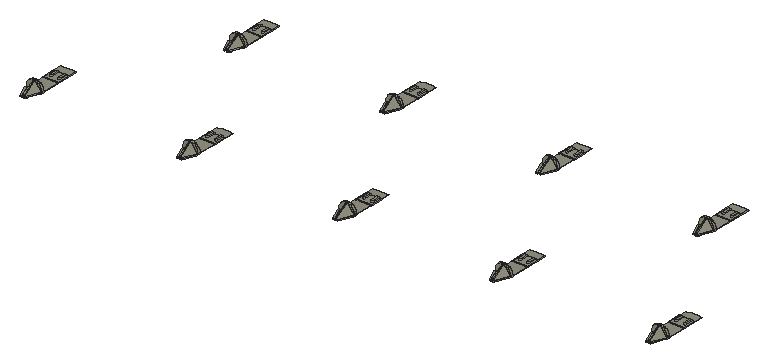
Revit family "Construction_Roof-Accessories_Alpine-SnowGuards_PD40R", category Specialty Equipment, host Face, Revit 2019
Family settings
  Host = Face
  Round Connector Dimension = Use Diameter
  Part Type = Normal
  OmniClass Number = 23.35.20.31.27.14
  OmniClass Title = Snow Guards
  Cut with Voids When Loaded = No
  Shared = No
  Room Calculation Point = No
Parameters (values of type "2x2 Pattern – Two Row")
  z_Option3 = Row Options : Three Rows
  z_Option2 = Row Options : Two Rows
  z_Option1 = Row Options : One Row
  Z_Vertical Spacing = if(Vertical Spacing = 0", 12", Vertical Spacing)  # 24"
  Z_Three Rows [instance] = and((Length > 2 * Z_Horizontal Spacing), Number of Rows = z_Option3)  # no
  Z_Three Row Second Pad [instance] = and(not(or(Z_Three Rows, Z_Two Rows, Z_Custom Row, Number of Rows = z_Option2, Z_CR)), Z_Length > Z_Horizontal Spacing)  # no
  Z_Three Row First Pad [instance] = not(or(Z_Three Rows, Z_Two Rows, Z_Custom Row, Number of Rows = z_Option2, Z_CR))  # no
  Z_Second Row Number [instance] = Z_Number of Pads Control - 1  # 4
  Z_Two Row First Pad [instance] = and(not(or(Z_Three Rows, Z_Two Rows, Z_Custom Row, Z_CR)), or(Z_Length = Z_Horizontal Spacing / 2, Z_Length > Z_Horizontal Spacing / 2))  # no
  Z_Second Row [instance] = Z_Horizontal Spacing / 2  # 12"
  Z_Length [instance] = if(Length < Z_Horizontal Spacing / 2, Z_Horizontal Spacing / 2, Length)  # 100"
  Z_Horizontal Spacing = if(Horizontal Spacing = 0", 24", Horizontal Spacing)  # 24"
  Z_Distance between Pads [instance] = Length / (Z_Number of Pads Control - 1)  # 25"
  Z_Custom Row Second Pad [instance] = and(not(or(Z_Three Rows, Z_Two Rows, Z_Custom Row)), Z_Length > Z_Horizontal Spacing)  # no
  Z_Custom Row First Pad [instance] = not(or(Z_Three Rows, Z_Two Rows))  # no
  Z_Custom Row [instance] = and((Length > 2 * Z_Horizontal Spacing), or(Number of Rows = z_Option1, Number of Rows = z_Option2, Number of Rows = z_Option3))  # yes
  Z_CR = no
  Vertical Spacing = 24"
  URL = "https://www.alpinesnowguards.com/model/pd40r?utm_source=bimobject&utm_medium=productlisting&utm_campaign=2022marketing"
  Z_Two Rows [instance] = and((Length > 2 * Z_Horizontal Spacing), or(Number of Rows = z_Option2, Number of Rows = z_Option3))  # yes
  Surface Offset [instance] = 0"
  Standard Layouts [instance] = "Standard layouts are shown. Custom layouts are available, please contact Alpine Snow Guard to discuss."  # constant formula
  Snow Guard Count [instance] = if(and(Number of Rows = z_Option1, and(Length > 24", Length < 49")), 2, if(and(Number of Rows = z_Option1, or(Length = 0", Length < 25")), 1, if(and(Number of Rows = z_Option2, or(Length = 0", Length < 25")), 2, if(and(Number of Rows = z_Option3, and(Length > 24", Length < 49")), 5, if(Z_Three Rows, 2 * Z_Number of Pads Control + Z_Second Row Number, if(Z_Two Rows, Z_Number of Pads Control + Z_Second Row Number, Z_Number of Pads Control))))))  # 9
  Product data url = "https://www.bimobject.com/en-us/alpine-snowguards/product/pd40r_retrofit_half_round_pad_style_snow_guard"
  Product Material = Alpine SnowGuards - Aluminium - Mill Finish
  Product Guid = "3f14f32e-0822-4d44-982f-6e5e7b874037"
  Z_Number of Pads Control [instance] = if((Z_Length / Z_Horizontal Spacing + 1) < 3, 3, rounddown(Z_Length / Z_Horizontal Spacing + 1))  # 5
  Number of Rows = Row Options : Two Rows
  Length Note [instance] = "To show a single SnowGuard in the Row, please set Length to 0"  # constant formula
  Model = if(PD 400FR, "PD 400FR", "PD 40R")  # "PD 40R"
  Manufacturer = "Alpine SnowGuards"  # constant formula
  PD 400FR = no
  Length [instance] = 100"
  Keynote = "07720"
  IMPORTANT [instance] = "All layouts begin with a 3-row pattern."  # constant formula
  Horizontal Spacing = 24"
  Edition number = 1
  Description = "PD40R Retrofit Half Round Pad Style Snow Guard"  # constant formula
  Default Elevation = 48"
  Assembly Code = "B3010"
Types (6): name | Z_Vertical Spacing | Z_Three Rows | Z_Second Row Number | Z_Second Row | Z_Horizontal Spacing | Z_Distance between Pads | Z_Custom Row First Pad | Z_CR | Vertical Spacing | Z_Two Rows | Snow Guard Count | Z_Number of Pads Control | Number of Rows | Horizontal Spacing
  (no name) | 24" | no | 4 | 12" | 24" | 25" | no | no | 24" | yes | 9 | 5 | Row Options : Two Rows | 24"
  3-Row Pattern | 12" | yes | 4 | 12" | 24" | 25" | no | no | 12" | yes | 14 | 5 | Row Options : Three Rows | 24"
  2x4 Pattern – Two Row | 24" | no | 2 | 24" | 48" | 50" | no | no | 24" | yes | 5 | 3 | Row Options : Two Rows | 48"
  2x3 Pattern – Two Row | 24" | no | 2 | 18" | 36" | 50" | no | no | 24" | yes | 5 | 3 | Row Options : Two Rows | 36"
  2x2 Pattern – Two Row | 24" | no | 4 | 12" | 24" | 25" | no | no | 24" | yes | 9 | 5 | Row Options : Two Rows | 24"
  Custom – Single Row | 12" | no | 4 | 12" | 24" | 25" | yes | yes | 0" | no | 5 | 5 | Row Options : One Row | 24"
Reference planes (in)
  plane 1 "Center (Front/Back)": y = 0
  plane 2: z = 0
  plane 3 "Center (Left/Right)": x = 0
  plane 4: x = 100
  plane 5: y = 24
  plane 6: y = 48
  plane 7: x = 12
  plane 8: x = 24
  plane 9: x = 36
Dimensions and locks (in)
  "Z_Length": plane 3 "Center (Left/Right)" to plane 4
  "Z_Vertical Spacing": plane 1 "Center (Front/Back)" to plane 5
  "Z_Vertical Spacing": plane 6 to plane 5
  "Z_Horizontal Spacing": plane 3 "Center (Left/Right)" to plane 8
  equal spacing: group 1, group 2, group 3, group 9, group 10  (x3)
  equal spacing: group 4, group 5, group 6, group 11, group 12  (x3)
  "Z_Horizontal Spacing": plane 7 to plane 9
  equal spacing: group 7, group 8, group 13, group 14  (x3)
  equal spacing: plane 3 "Center (Left/Right)", plane 7, plane 8
  aligned and locked: host face to plane 2
  aligned and locked: host face to level
  aligned and locked: plane 1 "Center (Front/Back)" to nested 1
  aligned and locked: plane 3 "Center (Left/Right)" to nested 1
  aligned and locked: plane 7 to nested 2
  aligned and locked: nested 2 to plane 5
  aligned and locked: plane 3 "Center (Left/Right)" to nested 3
  aligned and locked: nested 3 to plane 6
  aligned and locked: plane 8 to nested 4
  aligned and locked: plane 8 to nested 6
  aligned and locked: plane 9 to nested 8
  aligned and locked: nested 6 to plane 6
  aligned and locked: nested 8 to plane 5
  aligned and locked: plane 1 "Center (Front/Back)" to nested 9
  aligned and locked: plane 1 "Center (Front/Back)" to nested 10
  aligned and locked: nested 11 to plane 5
  aligned and locked: nested 12 to plane 6
  aligned and locked: nested 13 to plane 6
  aligned and locked: plane 3 "Center (Left/Right)" to nested 9
  aligned and locked: plane 7 to nested 11
  aligned and locked: plane 8 to nested 10
  aligned and locked: plane 3 "Center (Left/Right)" to nested 12
  aligned and locked: plane 8 to nested 13
Automatic sketch dimensions
  host sketch curve to host sketch curve = 167.34463"
  host sketch curve to host sketch curve = 121.14631"
Nested families (in)
  nested 1: "Construction_Roof-Accessories_Alpine-SnowGuards_Pad-PD40R" at (0, 0, 0), Product Material <- "Product Material", F <- "PD 400FR", visible <- "Z_Custom Row", Surface Offset <- "Surface Offset", type "Construction_Roof-Accessories_Alpine-SnowGuards_Pad-PD40R"
    with Surface Offset 0", Product Material Alpine SnowGuards - Aluminium - Mill Finish, F no
  nested 2: "Construction_Roof-Accessories_Alpine-SnowGuards_Pad-PD40R" at (12, 24, 0), Product Material <- "Product Material", F <- "PD 400FR", visible <- "Z_Two Rows", Surface Offset <- "Surface Offset", type "Construction_Roof-Accessories_Alpine-SnowGuards_Pad-PD40R"
    with Surface Offset 0", Product Material Alpine SnowGuards - Aluminium - Mill Finish, F no
  nested 3: "Construction_Roof-Accessories_Alpine-SnowGuards_Pad-PD40R" at (0, 48, 0), Product Material <- "Product Material", F <- "PD 400FR", visible <- "Z_Three Rows", Surface Offset <- "Surface Offset", type "Construction_Roof-Accessories_Alpine-SnowGuards_Pad-PD40R"
    with Surface Offset 0", Product Material Alpine SnowGuards - Aluminium - Mill Finish, F no
  nested 4: "Construction_Roof-Accessories_Alpine-SnowGuards_Pad-PD40R" at (24, 0, 0), Product Material <- "Product Material", F <- "PD 400FR", visible <- "Z_Custom Row", Surface Offset <- "Surface Offset", type "Construction_Roof-Accessories_Alpine-SnowGuards_Pad-PD40R"
    with Surface Offset 0", Product Material Alpine SnowGuards - Aluminium - Mill Finish, F no
  nested 5: "Construction_Roof-Accessories_Alpine-SnowGuards_Pad-PD40R" at (48, 0, 0), Product Material <- "Product Material", F <- "PD 400FR", visible <- "Z_Custom Row", Surface Offset <- "Surface Offset", type "Construction_Roof-Accessories_Alpine-SnowGuards_Pad-PD40R"
    with Surface Offset 0", Product Material Alpine SnowGuards - Aluminium - Mill Finish, F no
  nested 6: "Construction_Roof-Accessories_Alpine-SnowGuards_Pad-PD40R" at (24, 48, 0), Product Material <- "Product Material", F <- "PD 400FR", visible <- "Z_Three Rows", Surface Offset <- "Surface Offset", type "Construction_Roof-Accessories_Alpine-SnowGuards_Pad-PD40R"
    with Surface Offset 0", Product Material Alpine SnowGuards - Aluminium - Mill Finish, F no
  nested 7: "Construction_Roof-Accessories_Alpine-SnowGuards_Pad-PD40R" at (48, 48, 0), Product Material <- "Product Material", F <- "PD 400FR", visible <- "Z_Three Rows", Surface Offset <- "Surface Offset", type "Construction_Roof-Accessories_Alpine-SnowGuards_Pad-PD40R"
    with Surface Offset 0", Product Material Alpine SnowGuards - Aluminium - Mill Finish, F no
  nested 8: "Construction_Roof-Accessories_Alpine-SnowGuards_Pad-PD40R" at (36, 24, 0), Product Material <- "Product Material", F <- "PD 400FR", visible <- "Z_Two Rows", Surface Offset <- "Surface Offset", type "Construction_Roof-Accessories_Alpine-SnowGuards_Pad-PD40R"
    with Surface Offset 0", Product Material Alpine SnowGuards - Aluminium - Mill Finish, F no
  nested 9: "Construction_Roof-Accessories_Alpine-SnowGuards_Pad-PD40R" at (0, 0, 0), F <- "PD 400FR", Surface Offset <- "Surface Offset", Product Material <- "Product Material", visible <- "Z_Custom Row First Pad", type "Construction_Roof-Accessories_Alpine-SnowGuards_Pad-PD40R"
    with Surface Offset 0", Product Material Alpine SnowGuards - Aluminium - Mill Finish, F no
  nested 10: "Construction_Roof-Accessories_Alpine-SnowGuards_Pad-PD40R" at (24, 0, 0), F <- "PD 400FR", Surface Offset <- "Surface Offset", Product Material <- "Product Material", visible <- "Z_Custom Row Second Pad", type "Construction_Roof-Accessories_Alpine-SnowGuards_Pad-PD40R"
    with Surface Offset 0", Product Material Alpine SnowGuards - Aluminium - Mill Finish, F no
  nested 11: "Construction_Roof-Accessories_Alpine-SnowGuards_Pad-PD40R" at (12, 24, 0), Product Material <- "Product Material", Surface Offset <- "Surface Offset", F <- "PD 400FR", visible <- "Z_Two Row First Pad", type "Construction_Roof-Accessories_Alpine-SnowGuards_Pad-PD40R"
    with Surface Offset 0", Product Material Alpine SnowGuards - Aluminium - Mill Finish, F no
  nested 12: "Construction_Roof-Accessories_Alpine-SnowGuards_Pad-PD40R" at (0, 48, 0), Product Material <- "Product Material", Surface Offset <- "Surface Offset", F <- "PD 400FR", visible <- "Z_Three Row First Pad", type "Construction_Roof-Accessories_Alpine-SnowGuards_Pad-PD40R"
    with Surface Offset 0", Product Material Alpine SnowGuards - Aluminium - Mill Finish, F no
  nested 13: "Construction_Roof-Accessories_Alpine-SnowGuards_Pad-PD40R" at (24, 48, 0), Product Material <- "Product Material", Surface Offset <- "Surface Offset", F <- "PD 400FR", visible <- "Z_Three Row Second Pad", type "Construction_Roof-Accessories_Alpine-SnowGuards_Pad-PD40R"
    with Surface Offset 0", Product Material Alpine SnowGuards - Aluminium - Mill Finish, F no
  nested 14: "Construction_Roof-Accessories_Alpine-SnowGuards_Pad-PD40R" at (72, 0, 0), Product Material <- "Product Material", F <- "PD 400FR", visible <- "Z_Custom Row", Surface Offset <- "Surface Offset", type "Construction_Roof-Accessories_Alpine-SnowGuards_Pad-PD40R"
    with Surface Offset 0", Product Material Alpine SnowGuards - Aluminium - Mill Finish, F no
  nested 15: "Construction_Roof-Accessories_Alpine-SnowGuards_Pad-PD40R" at (96, 0, 0), Product Material <- "Product Material", F <- "PD 400FR", visible <- "Z_Custom Row", Surface Offset <- "Surface Offset", type "Construction_Roof-Accessories_Alpine-SnowGuards_Pad-PD40R"
    with Surface Offset 0", Product Material Alpine SnowGuards - Aluminium - Mill Finish, F no
  nested 16: "Construction_Roof-Accessories_Alpine-SnowGuards_Pad-PD40R" at (72, 48, 0), Product Material <- "Product Material", F <- "PD 400FR", visible <- "Z_Three Rows", Surface Offset <- "Surface Offset", type "Construction_Roof-Accessories_Alpine-SnowGuards_Pad-PD40R"
    with Surface Offset 0", Product Material Alpine SnowGuards - Aluminium - Mill Finish, F no
  nested 17: "Construction_Roof-Accessories_Alpine-SnowGuards_Pad-PD40R" at (96, 48, 0), Product Material <- "Product Material", F <- "PD 400FR", visible <- "Z_Three Rows", Surface Offset <- "Surface Offset", type "Construction_Roof-Accessories_Alpine-SnowGuards_Pad-PD40R"
    with Surface Offset 0", Product Material Alpine SnowGuards - Aluminium - Mill Finish, F no
  nested 18: "Construction_Roof-Accessories_Alpine-SnowGuards_Pad-PD40R" at (60, 24, 0), Product Material <- "Product Material", F <- "PD 400FR", visible <- "Z_Two Rows", Surface Offset <- "Surface Offset", type "Construction_Roof-Accessories_Alpine-SnowGuards_Pad-PD40R"
    with Surface Offset 0", Product Material Alpine SnowGuards - Aluminium - Mill Finish, F no
  nested 19: "Construction_Roof-Accessories_Alpine-SnowGuards_Pad-PD40R" at (84, 24, 0), Product Material <- "Product Material", F <- "PD 400FR", visible <- "Z_Two Rows", Surface Offset <- "Surface Offset", type "Construction_Roof-Accessories_Alpine-SnowGuards_Pad-PD40R"
    with Surface Offset 0", Product Material Alpine SnowGuards - Aluminium - Mill Finish, F no
Definition of nested family "Construction_Roof-Accessories_Alpine-SnowGuards_Pad-PD40R"
  Parameters (values of type "Construction_Roof-Accessories_Alpine-SnowGuards_Pad-PD40")
    Surface Offset [instance] = 0"
    Product Material [instance] = none
    F [instance] = yes
  Reference planes (in)
    plane 1 "Center (Front/Back)": y = 0
    plane 2: z = 0
    plane 3 "Center (Left/Right)": x = 0
    plane 4: y = -2.375
    plane 5: z = 1.5
    plane 6: x = -1.25
    plane 7: x = 1.25
    plane 8: y = 5.03063
    plane 9: y = 3.03063
    plane 10: z = 0.0215
    plane 11: z = 0
  Forms (in)
    Extrusion 1, solid, material <- "Product Material", detail levels fine
      sketch origin (0, 0, 0.03424) x (1, 0, 0) y (0, 0, 1)
        loop
          line (1.25, -0.03424) -> (1.25, 0.2105)
          arc (1.25, 0.2105) -> (0, 1.4605) -> (-1.25, 0.2105) r 1.25
          line (-1.25, 0.2105) -> (-1.25, -0.03424) -> (1.25, -0.03424)
      from 0 to 0.1978
    Sweep 2, solid, material <- "Product Material", detail levels fine
      path origin (1.2331, 0.04673, 0.03865) x (0.999641, 0.026785, -0.001071) y (-0.026787, 0.99964, -0.001779)
        loop
          line (-2.05752, 0.18662) -> (-1.07653, -2.30301)
      profile origin (-0.30501, -1.05306, 0.04221) x (0.920225, 0.391387, -0.001649) y (0.001023, 0.001807, 0.999998)
        loop
          line (-0.41438, -0.03769) -> (-0.37639, -0.03494) -> (0.58935, 1.35985) -> (0.55134, 1.35706) -> (-0.41438, -0.03769)
    Extrusion 3, void
      sketch origin (0, 0, 0.03424) x (0, 1, 0) y (0, 0, 1)
        loop
          line (-0.15101, 1.42347) -> (-0.15101, 1.59635) -> (-2.55379, 1.59635) -> (-2.55379, -0.1778) -> (0.46654, -0.1778) -> (0.46654, 1.37647) -> (-0.1978, 1.37647) -> (-0.1978, 0.072) -> (-2.40838, 0.072) -> (-0.15101, 1.42347)
      from -2.2317 to 1.92901
    Sweep 4, solid, material <- "Product Material", detail levels fine
      path origin (-1.2331, 0.04673, 0.03865) x (-0.999641, 0.026785, -0.001071) y (-0.026787, -0.99964, 0.001779)
        loop
          line (-2.05752, -0.18662) -> (-1.07653, 2.30301)
      profile origin (0.30501, -1.05306, 0.04221) x (0.920225, -0.391387, 0.001649) y (-0.001023, 0.001807, 0.999998)
        loop
          line (0.41438, -0.03769) -> (-0.55134, 1.35706) -> (-0.58935, 1.35985) -> (0.37639, -0.03494) -> (0.41438, -0.03769)
    Extrusion 5, solid, material <- "Product Material", detail levels fine
      sketch origin (0, -0.23657, 1.40648) x (0, -0.857988, -0.51367) y (1, 0, 0)
        loop
          line (2.53128, -0.10391) -> (2.53128, 0.10391) -> (-0.04787, 0.04282) -> (-0.04787, -0.04282) -> (2.53128, -0.10391)
      from 0 to 0.02578
    Sweep 6, void
      path origin (0, 0, 0.03424) x (1, 0, 0) y (0, 0, 1)
        loop
          line (-1.26245, -0.03424) -> (-1.26245, 0.2105)
          arc (-1.26245, 0.2105) -> (0, 1.47295) -> (1.26245, 0.2105) r 1.26245
          line (1.26245, 0.2105) -> (1.26245, -0.03424)
      profile origin (-1.26245, 0, 0.12237) x (-1, 0, 0) y (0, -1, 0)
        loop
          line (-0.00526, -0.02577) -> (-0.00526, 0.1978) -> (-0.06762, 0.1978) -> (-0.00526, -0.02577)
    Extrusion 7, void
      sketch origin (0, 0, 0) x (0, 1, 0) y (0, 0, 1)
        loop
          line (-2.375, 0.26156) -> (-2.625, 0.26156) -> (-2.625, -0.08571) -> (-2.375, -0.08571) -> (-2.375, 0.26156)
      from -0.20134 to 0.28095
    Extrusion 8, solid, material <- "Product Material", detail levels fine
      sketch origin (0, 0, 0) x (1, 0, 0) y (0, 1, 0)
        loop
          line (-1.20009, -0.1978) -> (-1.20009, -0.44408) -> (-0.38047, -2.375) -> (-0.11807, -2.375) -> (-1.04182, -0.1978) -> (-1.20009, -0.1978)
        loop
          line (1.20009, -0.1978) -> (1.04182, -0.1978) -> (0.11807, -2.375) -> (0.38047, -2.375) -> (1.20009, -0.44408) -> (1.20009, -0.1978)
      from 0 to 0.10624
    Extrusion 9, solid, material <- "Product Material", detail levels coarse+medium
      sketch origin (0, 0, 0) x (1, 0, 0) y (0, 0, 1)
        loop
          line (-1.25, 0) -> (1.25, 0) -> (1.25, 0.24474)
          arc (1.25, 0.24474) -> (0, 1.49474) -> (-1.25, 0.24474) r 1.25
          line (-1.25, 0.24474) -> (-1.25, 0)
      from 0 to 2.375
    Extrusion 10, solid, material <- "Product Material", visible <- "F", detail levels fine
      sketch origin (0, 0, 0) x (1, 0, 0) y (0, 0, 1)
        loop
          arc (-1.24367, 0.11913) -> (0, 1.49474) -> (1.24367, 0.11913) r 1.25
          line (1.24367, 0.11913) -> (1.49571, 0.11913) -> (1.49571, 0.24095)
          arc (1.49571, 0.24095) -> (1.65445, 0.44682) -> (1.89391, 0.34565) r 0.21286
          arc (1.89391, 0.34565) -> (1.9182, 0.33046) -> (1.94415, 0.34257) r 0.03
          arc (1.94415, 0.34257) -> (2.09853, 0.65809) -> (2.13082, 1.00787) r 0.97307
          arc (2.13082, 1.00787) -> (1.56654, 1.72665) -> (0.65273, 1.72878) r 1.04729
          arc (0.65273, 1.72878) -> (0.66656, 2.06986) -> (0.4432, 2.32801) r 0.46375
          arc (0.4432, 2.32801) -> (0.22443, 2.50806) -> (0.02246, 2.70678) r 3.19618
          arc (0.02246, 2.70678) -> (0.00781, 2.71316) -> (-0.00683, 2.70678) r 0.02
          arc (-0.00683, 2.70678) -> (-0.20217, 2.51405) -> (-0.41331, 2.33878) r 3.19618
          arc (-0.41331, 2.33878) -> (-0.65454, 2.0814) -> (-0.64492, 1.72878) r 0.46375
          arc (-0.64492, 1.72878) -> (-1.55873, 1.72665) -> (-2.123, 1.00787) r 1.04729
          arc (-2.123, 1.00787) -> (-2.09072, 0.65809) -> (-1.93634, 0.34257) r 0.97307
          arc (-1.93634, 0.34257) -> (-1.91039, 0.33046) -> (-1.8861, 0.34565) r 0.03
          arc (-1.8861, 0.34565) -> (-1.64664, 0.44682) -> (-1.4879, 0.24095) r 0.21286
          line (-1.4879, 0.24095) -> (-1.4879, 0.11913) -> (-1.24367, 0.11913)
      from 0 to -0.01759
    Extrusion 11, solid, material <- "Product Material", visible <- "F", detail levels coarse+medium
      sketch origin (0, 0, 0) x (1, 0, 0) y (0, 0, 1)
        loop
          line (-2.123, 0.11913) -> (2.13082, 0.11913) -> (2.13082, 0.5916)
          arc (2.13082, 0.5916) -> (0.00391, 2.7185) -> (-2.123, 0.5916) r 2.12691
          line (-2.123, 0.5916) -> (-2.123, 0.11913)
      from 0 to -0.01759
    Extrusion 12, solid, material <- "Product Material"
      sketch origin (0, 0, 0) x (1, 0, 0) y (0, 1, 0)
        loop
          line (-1.17942, 0) -> (1.19558, 0) -> (1.19558, 6.33851)
          arc (1.19558, 6.33851) -> (0.00808, 6.46671) -> (-1.17942, 6.33851) r 5.56396
          line (-1.17942, 6.33851) -> (-1.17942, 0)
      from 0 to 0.0215
    Blend 13, solid, material <- "Product Material", detail levels fine
      base sketch origin (0, 0, 0.0215) x (-1, 0, 0) y (0, -1, 0)
        loop
          line (0.82673, -5.03063) -> (0.82673, -3.92113)
          arc (0.82673, -3.92113) -> (0.63915, -3.73354) -> (0.45157, -3.92113) r 0.18758
          line (0.45157, -3.92113) -> (0.45157, -5.03063) -> (0.82673, -5.03063)
      top sketch origin (0, 0, 0.0215) x (-1, 0, 0) y (0, -1, 0)
        loop
          line (0.79548, -5.03063) -> (0.79548, -3.92113)
          arc (0.79548, -3.92113) -> (0.63915, -3.76479) -> (0.48282, -3.92113) r 0.15633
          line (0.48282, -3.92113) -> (0.48282, -5.03063) -> (0.79548, -5.03063)
      from 0.03176 to 0.14113
    Blend 14, solid, material <- "Product Material", detail levels fine
      base sketch origin (0, 0, 0.0215) x (-1, 0, 0) y (0, -1, 0)
        loop
          line (-0.82673, -5.03063) -> (-0.45157, -5.03063) -> (-0.45157, -3.92113)
          arc (-0.45157, -3.92113) -> (-0.63915, -3.73354) -> (-0.82673, -3.92113) r 0.18758
          line (-0.82673, -3.92113) -> (-0.82673, -5.03063)
      top sketch origin (0, 0, 0.0215) x (-1, 0, 0) y (0, -1, 0)
        loop
          line (-0.79548, -5.03063) -> (-0.48282, -5.03063) -> (-0.48282, -3.92113)
          arc (-0.48282, -3.92113) -> (-0.63915, -3.76479) -> (-0.79548, -3.92113) r 0.15633
          line (-0.79548, -3.92113) -> (-0.79548, -5.03063)
      from 0.03176 to 0.14113
    Sweep 15, solid, material <- "Product Material"
      path origin (0, 0, 0) x (0, 1, 0) y (0, 0, 1)
        loop
          line (5.03063, 0.0215) -> (3.03063, 0.0215)
      profile origin (0, 4.03063, 0.0215) x (0, 0, -1) y (1, 0, 0)
        loop
          line (-0.03176, 0) -> (-0.03176, -1.21037) -> (0.0215, -1.21037) -> (0.05323, -1.21037) -> (0.05323, 0) -> (0.05323, 1.21037) -> (0.0215, 1.21037) -> (-0.03176, 1.21037) -> (-0.03176, 0)
        loop
          line (-0.00515, -1.17967) -> (0.02598, -1.17967) -> (0.02598, 0) -> (0.02598, 1.17967) -> (-0.00515, 1.17967) -> (-0.00515, 0) -> (-0.00515, -1.17967)
  Cuts and joins
    Extrusion 3, Extrusion 7 cuts Sweep 2
    Extrusion 3, Extrusion 7 cuts Sweep 4
    Extrusion 7 cuts Extrusion 5
    Sweep 6 cuts Extrusion 1
  Dimensions and locks (in)
    plane 4 to plane 1 "Center (Front/Back)" = 2 3/8"
    plane 5 to plane 2 = 1 1/2"
    plane 7 to plane 6 = 2 1/2"
    locked: plane 8 to plane 9 at 2
    plane 8 to Blend 13 sketch curve to Blend 13 sketch curve to Blend 13 sketch curve = 1.1095" locked, 0" locked, 0.18758" locked
    plane 8 to Blend 13 sketch curve to Blend 13 sketch curve to Blend 13 sketch curve = 1.1095" locked, 0" locked, 0.15633" locked
    Blend 14 sketch curve to Blend 14 sketch curve to Blend 14 sketch curve = 0" locked, 0.18758" locked
    Blend 14 sketch curve to Blend 14 sketch curve to Blend 14 sketch curve = 0" locked, 0.15633" locked
    locked: plane 11 to plane 10 at 0.0215
    "Surface Offset": level to plane 11
    aligned and locked: level to plane 2
    aligned and locked: Blend 13 sketch curve to plane 8  (x2)
    aligned and locked: Extrusion 12 to plane 10
    aligned and locked: plane 11 to Extrusion 12
    aligned and locked: plane 8 to Sweep 15 sketch curve
    aligned and locked: plane 9 to Sweep 15 sketch curve
    aligned and locked: plane 10 to Sweep 15 sketch curve
  Automatic sketch dimensions
    Extrusion 1 sketch curve to level = 0"
    Extrusion 1 sketch curve to plane 6 = 0"
    Extrusion 1 sketch curve to plane 3 "Center (Left/Right)" = 0"
    level to Extrusion 1 sketch curve = 0.24474"
    Sweep 2 sketch curve to Sweep 2 sketch curve = 0.98099"
    Sweep 2 sketch curve to Sweep 2 sketch curve = 2.48963"
    Sweep 2 sketch curve to profile plane = 0.03769"
    profile plane to Sweep 2 sketch curve = 0.41438"
    Sweep 2 sketch curve to profile plane = 0.03494"
    Sweep 2 sketch curve to Sweep 2 sketch curve = 0.03799"
    Sweep 2 sketch curve to profile plane = 0.55134"
    Sweep 2 sketch curve to Sweep 2 sketch curve = 0.03801"
    profile plane to Sweep 2 sketch curve = 1.35706"
    Sweep 2 sketch curve to Sweep 2 sketch curve = 0.00279"
    Extrusion 3 sketch curve to plane 4 = 0.17879"
    Extrusion 3 sketch curve to plane 4 = 0.03338"
    Extrusion 3 sketch curve to plane 5 = 0.08929"
    plane 1 "Center (Front/Back)" to Extrusion 3 sketch curve = 0.1978"
    plane 1 "Center (Front/Back)" to Extrusion 3 sketch curve = 0.15101"
    Extrusion 3 sketch curve to level = 0.14356"
    Extrusion 3 sketch curve to plane 1 "Center (Front/Back)" = 0.46654"
    level to Extrusion 3 sketch curve = 0.10624"
    Extrusion 3 sketch curve to plane 5 = 0.04229"
    plane 5 to Extrusion 3 sketch curve = 0.13059"
    Sweep 4 sketch curve to Sweep 4 sketch curve = 0.98099"
    Sweep 4 sketch curve to Sweep 4 sketch curve = 2.48963"
    profile plane to Sweep 4 sketch curve = 0.58935"
    Sweep 4 sketch curve to Sweep 4 sketch curve = 0.03801"
    Sweep 4 sketch curve to profile plane = 0.03494"
    Sweep 4 sketch curve to profile plane = 0.37639"
    Sweep 4 sketch curve to profile plane = 0.03769"
    Sweep 4 sketch curve to Sweep 4 sketch curve = 0.03799"
    profile plane to Sweep 4 sketch curve = 1.35706"
    Sweep 4 sketch curve to Sweep 4 sketch curve = 0.00279"
    Extrusion 5 sketch curve to plane 3 "Center (Left/Right)" = 0.04282"
    plane 3 "Center (Left/Right)" to Extrusion 5 sketch curve = 0.10391"
    Extrusion 5 sketch curve to Extrusion 5 sketch curve = 2.57915"
    Extrusion 5 sketch curve to plane 3 "Center (Left/Right)" = 0.10391"
    plane 3 "Center (Left/Right)" to Extrusion 5 sketch curve = 0.04282"
    Sweep 6 sketch curve to level = 0"  (x2)
    Sweep 6 sketch curve to plane 3 "Center (Left/Right)" = 0"
    Sweep 6 sketch curve to plane 6 = 0.01245"
    level to Sweep 6 sketch curve = 0.24474"
    profile plane to Sweep 6 sketch curve = 0.06762"
    profile plane to Sweep 6 sketch curve = 0.00526"
    Sweep 6 sketch curve to profile plane = 0.02577"
    profile plane to Sweep 6 sketch curve = 0.1978"
    Extrusion 7 sketch curve to plane 4 = 0"
    Extrusion 7 sketch curve to level = 0.08571"
    Extrusion 7 sketch curve to plane 4 = 1/4"
    level to Extrusion 7 sketch curve = 0.26156"
    Extrusion 8 sketch curve to plane 4 = 0"  (x2)
    plane 6 to Extrusion 8 sketch curve = 0.04991"
    Extrusion 8 sketch curve to Extrusion 8 sketch curve = 0.15827"
    Extrusion 8 sketch curve to plane 3 "Center (Left/Right)" = 0.38047"
    Extrusion 8 sketch curve to plane 3 "Center (Left/Right)" = 0.11807"
    plane 3 "Center (Left/Right)" to Extrusion 8 sketch curve = 0.11807"
    Extrusion 8 sketch curve to Extrusion 8 sketch curve = 0.2624"
    plane 7 to Extrusion 8 sketch curve = 0.20818"
    plane 7 to Extrusion 8 sketch curve = 0.04991"
    plane 1 "Center (Front/Back)" to Extrusion 8 sketch curve = 0.44408"  (x2)
    plane 1 "Center (Front/Back)" to Extrusion 8 sketch curve = 0.1978"  (x2)
    Extrusion 9 sketch curve to plane 6 = 0"
    Extrusion 9 sketch curve to plane 3 "Center (Left/Right)" = 0"
    Extrusion 9 sketch curve to level = 0"
    level to Extrusion 9 sketch curve = 0.24474"
    Extrusion 10 sketch curve to plane 3 "Center (Left/Right)" = 0"
    Extrusion 10 sketch curve to plane 3 "Center (Left/Right)" = 0.22099"
    plane 6 to Extrusion 10 sketch curve = 0.15038"
    plane 6 to Extrusion 10 sketch curve = 0.09618"
    plane 6 to Extrusion 10 sketch curve = 0.00633"
    level to Extrusion 10 sketch curve = 0.11913"
    Extrusion 10 sketch curve to plane 6 = 0.2379"
    Extrusion 10 sketch curve to Extrusion 10 sketch curve = 0.21286"  (x2)
    Extrusion 10 sketch curve to Extrusion 10 sketch curve = 0.21146"  (x2)
    Extrusion 10 sketch curve to plane 6 = 1.09726"
    plane 3 "Center (Left/Right)" to Extrusion 10 sketch curve = 1/128"
    plane 3 "Center (Left/Right)" to Extrusion 10 sketch curve = 0.2288"
    plane 7 to Extrusion 10 sketch curve = 0.14256"
    plane 7 to Extrusion 10 sketch curve = 0.08836"
    plane 7 to Extrusion 10 sketch curve = 0.00633"
    Extrusion 10 sketch curve to plane 7 = 0.24571"
    Extrusion 10 sketch curve to plane 7 = 1.11289"
    Extrusion 10 sketch curve to Extrusion 10 sketch curve = 0.12183"  (x2)
    level to Extrusion 10 sketch curve = 0.24474"
    Extrusion 10 sketch curve to Extrusion 10 sketch curve = 0.11945"  (x2)
    Extrusion 10 sketch curve to Extrusion 10 sketch curve = 0.54439"  (x2)
    Extrusion 10 sketch curve to Extrusion 10 sketch curve = 0.13561"  (x2)
    plane 5 to Extrusion 10 sketch curve = 0.41679"  (x2)
    Extrusion 10 sketch curve to Extrusion 10 sketch curve = 0.77637"
    Extrusion 10 sketch curve to Extrusion 10 sketch curve = 2.19031"  (x2)
    Extrusion 10 sketch curve to plane 3 "Center (Left/Right)" = 0.00683"
    Extrusion 10 sketch curve to Extrusion 10 sketch curve = 0"  (x6)
    Extrusion 10 sketch curve to plane 3 "Center (Left/Right)" = 0.41331"
    plane 5 to Extrusion 10 sketch curve = 0.22878"  (x2)
    plane 3 "Center (Left/Right)" to Extrusion 10 sketch curve = 0.4432"
    level to Extrusion 11 sketch curve = 0.11913"
    Extrusion 11 sketch curve to plane 6 = 0.873"
    plane 3 "Center (Left/Right)" to Extrusion 11 sketch curve = 1/256"
    Extrusion 11 sketch curve to Extrusion 11 sketch curve = 0.47247"
    plane 1 "Center (Front/Back)" to Extrusion 12 sketch curve = 0"
    plane 6 to Extrusion 12 sketch curve = 0.07058"
    plane 3 "Center (Left/Right)" to Extrusion 12 sketch curve = 0.00808"
    plane 7 to Extrusion 12 sketch curve = 0.05442"
    Extrusion 12 sketch curve to plane 1 "Center (Front/Back)" = 0.90275"
    plane 8 to Extrusion 12 sketch curve = 1.30788"
    Blend 13 sketch curve to plane 3 "Center (Left/Right)" = 0.45157"
    Blend 13 sketch curve to plane 3 "Center (Left/Right)" = 0.48282"
    Blend 14 sketch curve to plane 8 = 0"  (x2)
    plane 7 to Blend 14 sketch curve = 0.42327"
    plane 9 to Blend 14 sketch curve = 0.8905"  (x2)
    plane 7 to Blend 14 sketch curve = 0.45452"
    Sweep 15 sketch curve to plane 3 "Center (Left/Right)" = 0"  (x4)
    profile plane to Sweep 15 sketch curve = 0.03176"
    profile plane to Sweep 15 sketch curve = 0.00515"
    Sweep 15 sketch curve to profile plane = 0.0215"  (x2)
    Sweep 15 sketch curve to profile plane = 0.02598"
    Sweep 15 sketch curve to Sweep 15 sketch curve = 0.03173"
    Sweep 15 sketch curve to plane 3 "Center (Left/Right)" = 1.17967"
    Sweep 15 sketch curve to Sweep 15 sketch curve = 0.0307"  (x2)
    plane 3 "Center (Left/Right)" to Sweep 15 sketch curve = 1.17967"
